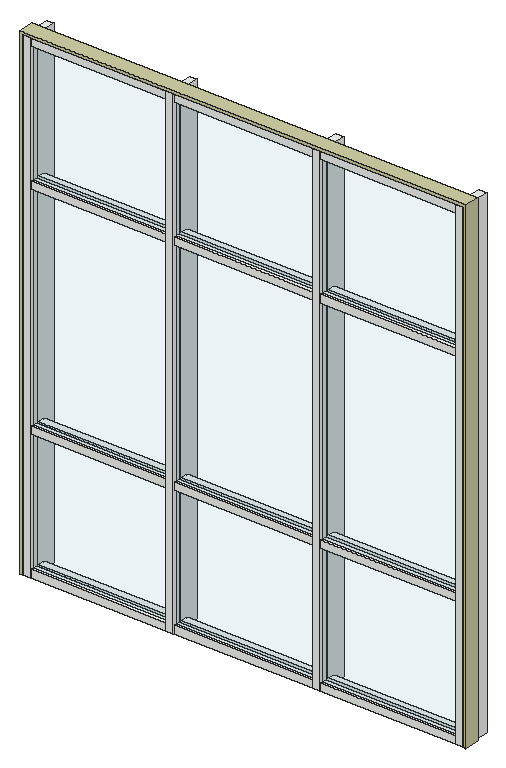
Revit family "Витражная система на базе серии RF 50", category Окна, Revit 2016
Family settings
  Основа = Стена
  Номер OmniClass = 23.30.20.00
  Заголовок OmniClass = Windows
  Всегда вертикально = Да
  При загрузке вырезать с полостями = Нет
  Общий = Нет
  Точка расчета площади = Нет
Parameters (values of type "Витражная система  RF 50")
  Толщина.Монтажный шов [instance] = 100 mm
  Витраж.Ширина цетр [instance] = 1000 mm
  Четверть.Ширина [instance] = 70 mm
  Четверть.Высота [instance] = 20 mm
  Четверть.Верх [instance] = if(Четверть, Четверть.Высота, 0 mm)  # 20 mm
  Четверть.Бок [instance] = if(Четверть, Четверть.Ширина, 0 mm)  # 70 mm
  Четверть [instance] = yes
  Толщина = 0 mm  # constant formula
  Огнестойкость = ""
  Материал-Монтажный зазор = REALIT_Монтажный шов
  Глубина вставки [instance] = 100 mm
  Витраж.Высота центр [instance] = 1500 mm
  Витраж.Ширина рамы [instance] = ADSK_Размер_Ширина  # 3000 mm
  Витраж.Высота профиля = 50 mm
  Ширина проема [instance] = ADSK_Размер_Ширина + Монтажный зазор.Боковой * 2  # 3040 mm
  Цвет профиля = "RAL 9016"
  Формула стеклопакета = ""
  Толщина стеклопакета = "48"
  Стеклопакет.Толщина = 48 mm
  Система фурнитуры [instance] = ""
  Расчетное значение ветровой нагрузки [instance] = 0
  Рама.Окно.Ширина [instance] = 2840 mm
  Рама.Окно.Высота [instance] = 2940 mm
  Витраж.Шаг [instance] = Витраж.Ширина цетр  # 1000 mm
  Витраж.Высота рамы [instance] = ADSK_Размер_Высота  # 3300 mm
  Витраж.Ширина профиля2 = 203 mm
  Разработано = "support@bimlib.ru"  # constant formula
  Профильная система рамы = ""
  Проем.Окно.Ширина [instance] = 3040 mm
  Проем.Окно.Высота [instance] = 3320 mm
  Watermarked By = ""
  Rough Width = 0 mm  # constant formula
  Rough Height = 0 mm  # constant formula
  Подоконник.Глубина [instance] = 0 mm
  Площаль элемента [instance] = ADSK_Размер_Ширина * ADSK_Размер_Высота / 1000000 mm  # 9.9 mm
  Откосы.Глубина [instance] = 331 mm
  Наименование = "Витражная система на базе серии RF 50"
  Монтажный зазор.Верх [instance] = 20 mm
  Монтажный зазор.Боковой [instance] = 20 mm
  Материал-Стеклопакет = REALIT_Стекло
  Материал-Рама = REALIT_Профиль_RAL 9016
  Материал-Подоконник = REALIT_ПВХ_Белый
  Изготовитель = "REALIT"  # constant formula
  ГОСТ = ""
  Витраж.Ширина профиля1 = 114 mm
  Высота проема [instance] = ADSK_Размер_Высота + Монтажный зазор.Верх  # 3320 mm
  Height = 0 mm  # constant formula
  Замыкание стены = По основе
  Width = 0 mm  # constant formula
  Артикул створки/армирование створки = ""
  Артикул рамы/армирование рамы = ""
  Артикул импоста/армирование импоста = ""
  Аналитическая конструкция = "<Нет>"
  λ краевой зоны стеклопакета = 0.0000 (m²·K)/W
  URL = "http://www.realit.ru/"
  Rстеклопакета = 1.0000 (m²·K)/W
  Rпрофиля = 1.0000 (m²·K)/W
  Rпривед [instance] = 1 / (((Витраж.Высота профиля / 1000 mm) * (5.4 - 4 * (Витраж.Высота профиля / 1000 mm)) / (1.8 * Rпрофиля / Rед)) + ((1.2 - 2 * (Витраж.Высота профиля / 1000 mm)) * (1.5 - 2 * (Витраж.Высота профиля / 1000 mm)) / (1.8 * Rстеклопакета / Rед)) + (5.4 - 8 * (Витраж.Высота профиля / 1000 mm)) * (λ краевой зоны стеклопакета / Rед))  # 1
  Rед = 1.0000 (m²·K)/W
  Iфактич [instance] = ""
  Iтреб [instance] = 0 mm
  ADSK_Этаж = ""
  ADSK_Размер_Ширина [instance] = 3000 mm
  ADSK_Размер_Высота [instance] = 3300 mm
  ADSK_Примечание [instance] = ""
  ADSK_Позиция [instance] = ""
  ADSK_Обозначение = ""
  ADSK_Наименование краткое = "Витраж RF 50"  # constant formula
  ADSK_Масса_Текст = ""
  ADSK_Марка = ""
  ADSK_Код изделия = ""
  ADSK_Зона = ""
  ADSK_Завод-изготовитель [instance] = Изготовитель  # "REALIT"
  ADSK_Единица измерения = "шт."  # constant formula
  ADSK_Версия Revit = "Revit 2016"  # constant formula
Reference planes
  plane 1 "По центру (Вперед/Назад)": y = 0
  plane 2 "По центру (Влево/Вправо)": x = 0
  plane 3 "Наружный": y = 140
  plane 4 "Внутренние": y = -360
  plane 5: y = 40
  plane 6: z = 0
  plane 7: x = -1500
  plane 8: x = 1500
  plane 9: z = 3300
  plane 10: x = -1450
  plane 11: x = -1520
  plane 12: x = 1450
  plane 13: x = 1520
  plane 14: z = 3300
  plane 15: z = 3320
  plane 16: y = -163
  plane 17: y = -63
Forms (mm)
  Extrusion 1, void
    sketch origin (0, -360, 0) x (1, 0, 0) y (0, 0, 1)
      loop
        line (-1520, 3320) -> (-1520, 0) -> (1520, 0) -> (1520, 3320) -> (-1520, 3320)
    from 0 to -400
  Extrusion 2, void
    sketch origin (-1826.325, -245, 0) x (-1, 0, 0) y (0, -1, 0)
      loop
        line (-376.325, -285) -> (-3276.325, -285) -> (-3276.325, -385) -> (-376.325, -385) -> (-376.325, -285)
    from 0 to 3300
  Extrusion 3, solid, material "REALIT_Монтажный шов" <- "Материал-Монтажный зазор"
    sketch origin (-1826.325, -245, 0) x (-1, 0, 0) y (0, -1, 0)
      loop
        line (-306.325, -182) -> (-306.325, -82) -> (-326.325, -82) -> (-326.325, -182) -> (-306.325, -182)
      loop
        line (-3326.325, -82) -> (-3346.325, -82) -> (-3346.325, -182) -> (-3326.325, -182) -> (-3326.325, -82)
    from 0 to 3320
  Extrusion 4, solid, material "REALIT_Монтажный шов" <- "Материал-Монтажный зазор"
    sketch origin (-250, -245, 3390.632) x (0, 0, 1) y (0, -1, 0)
      loop
        line (-70.632, -182) -> (-70.632, -82) -> (-90.632, -82) -> (-90.632, -182) -> (-70.632, -182)
    from -1270 to 1770
Cuts and joins
  joined: Extrusion 3, Extrusion 4
Text (mm)
  text "Наружный" at (0, 923.751, 2943.296), in view "Справа"
  text "Наружный" at (0, 1040.484, 2685.409), in view "Слева"
Dimensions and locks
  locked: plane 3 "Наружный" to host wall at 0
  locked: plane 4 "Внутренние" to host wall
  "Глубина вставки": plane 5 to plane 3 "Наружный"
  equal spacing: plane 8, plane 2 "По центру (Влево/Вправо)", plane 7
  "ADSK_Размер_Ширина": plane 8 to plane 7
  "ADSK_Размер_Высота": plane 9 to plane 6
  "Монтажный зазор.Боковой": plane 11 to plane 7
  "Монтажный зазор.Боковой": plane 8 to plane 13
  "Четверть.Бок": plane 12 to plane 13
  "Четверть.Бок": plane 11 to plane 10
  "Монтажный зазор.Верх": plane 9 to plane 15
  "Четверть.Верх": plane 14 to plane 15
  "Проем.Окно.Ширина": plane 13 to plane 11
  plane 6 to level = 0 mm
  "Витраж.Ширина профиля2": plane 5 to plane 16
  "Толщина.Монтажный шов": plane 17 to plane 16
  "Проем.Окно.Высота": plane 15 to plane 6
  aligned and locked: Extrusion 1 to level
  aligned and locked: plane 5 to Extrusion 1
  aligned and locked: Extrusion 1 to plane 11
  aligned and locked: plane 13 to Extrusion 1
  aligned and locked: Extrusion 2 sketch curve to plane 5
  aligned and locked: Extrusion 2 sketch curve to plane 10
  aligned and locked: host wall to Extrusion 2 sketch curve
  aligned and locked: plane 12 to Extrusion 2 sketch curve
  aligned and locked: plane 15 to Extrusion 1
  aligned and locked: plane 13 to Extrusion 3 sketch curve
  aligned and locked: plane 11 to Extrusion 3 sketch curve
  aligned and locked: plane 15 to Extrusion 4 sketch curve
  aligned and locked: Extrusion 3 sketch curve to plane 7
  aligned and locked: plane 15 to Extrusion 3
  aligned and locked: Extrusion 3 sketch curve to plane 17
  aligned and locked: plane 17 to Extrusion 3 sketch curve
  aligned and locked: Extrusion 4 sketch curve to Extrusion 3
  aligned and locked: Extrusion 3 to Extrusion 4 sketch curve
  aligned and locked: Extrusion 4 to plane 11
  aligned and locked: plane 13 to Extrusion 4
  aligned and locked: plane 14 to Extrusion 2
  aligned and locked: nested 1 to plane 7
  aligned and locked: plane 5 to nested 1
  aligned and locked: plane 14 to nested 1
Automatic sketch dimensions
  plane 9 to Extrusion 1 sketch curve = 20 mm
  Extrusion 1 sketch curve to plane 7 = 20 mm
  plane 8 to Extrusion 1 sketch curve = 20 mm
  Extrusion 1 sketch curve to level = 0 mm
  Extrusion 4 sketch curve to plane 9 = 0 mm
  Extrusion 3 sketch curve to plane 8 = 0 mm
  Extrusion 3 sketch curve to plane 16 = 0 mm  (x2)
Nested families
  nested 1: "Витраж RF 50" at (0, -160, 0) x (-1, 0, 0) z (0, 0, 1), Витраж.Высота <- "Витраж.Высота рамы", Витраж.Ширина <- "Витраж.Ширина рамы", Материал.Профиль <- "Материал-Рама", Материал.Стеклопакет <- "Материал-Стеклопакет", Витраж.Высота центр <- "Витраж.Высота центр", Витраж.Ширина центр <- "Витраж.Ширина цетр", type "Витраж RF 50"
    with Материал.Стеклопакет REALIT_Стекло, Материал.Профиль REALIT_Профиль_RAL 9016, Витраж.Ширина центр 1000 mm, Витраж.Ширина 3000 mm, Витраж.Высота центр 1500 mm, Витраж.Высота 3300 mm
Definition of nested family "Витраж RF 50"
  Parameters (values of type "Витраж RF 50")
    Width = 0 mm  # constant formula
    Толщина = 0 mm  # constant formula
    Профиль верт.Ширина = 203 mm
    Manufacturer = "REALIT"  # constant formula
    Витраж.Ширина центр [instance] = 1000 mm
    Витраж.Высота центр [instance] = 1500 mm
    Watermarked By = ""
    Type Comments = "﻿﻿             ﻿     ﻿                                                          ﻿   ​ ﻿               ﻿   ​                ​ ​       ​   ​ ​ ​​  ​ ​  ​     ​   ﻿﻿"
    Rough Width = 0 mm  # constant formula
    Rough Height = 0 mm  # constant formula
    Keynote = "﻿﻿             ﻿     ﻿                                                          ﻿   ​ ﻿               ﻿   ​                ​ ​       ​   ​ ​ ​​  ​ ​  ​     ​   ﻿﻿"
    Height = 0 mm  # constant formula
    Стеклопакет.Толщина = 48 mm
    Витраж.Ширина [instance] = 3000 mm
    Витраж.Высота [instance] = 3300 mm
    Профиль гор.Ширина = 114 mm
    Профиль.Высота = 50 mm
    Материал.Стеклопакет [instance] = none
    Материал.Профиль [instance] = none
    Description = "Витраж RI 44"  # constant formula
    Assembly Code = "﻿﻿             ﻿     ﻿                                                          ﻿   ​ ﻿               ﻿   ​                ​ ​       ​   ​ ​ ​​  ​ ​  ​     ​   ﻿﻿"
    Analytic Construction = "<Нет>"
    b2 = 16 mm
    b1 = 50 mm
    URL = "http://www.realit.ru/"
  Reference planes
    plane 1 "По центру (Вперед/Назад)": y = 0
    plane 2: z = 0
    plane 3 "По центру (Влево/Вправо)": x = 0
    plane 4: y = -114
    plane 5: z = 3300
    plane 6: y = -16
    plane 7: x = -1500
    plane 8: x = 1500
    plane 9 "Ось Ручки": z = 1650
    plane 10: z = 50
    plane 11: y = -64
    plane 12: y = -64
    plane 13: z = 3250
    plane 14: x = 1450
    plane 15: x = -1450
    plane 16: x = -500
    plane 17: x = 500
    plane 18: x = -1000
    plane 19: x = 1000
    plane 20: x = -525
    plane 21: x = -475
    plane 22: x = 475
    plane 23: x = 525
    plane 24: z = 2850
    plane 25: z = 450
    plane 26: z = 900
    plane 27: z = 2400
    plane 28: z = 925
    plane 29: z = 875
    plane 30: z = 2425
    plane 31: z = 2375
    plane 32: y = 3
    plane 33: y = -200
  Forms (mm)
    Sweep 1, solid, material <- "Материал.Профиль", detail levels fine
      path origin (0, 0, 0) x (1, 0, 0) y (0, 0, 1)
        loop
          line (-1500, 0) -> (1500, 0)
      profile "Профиль RE 6022 концевой : Профиль RE 6022 концевой" origin (0, 0, 0) x (0, 0, 1) y (0, -1, 0)
        loop
          line (0, 0) -> (50, 0) -> (50, 16) -> (37, 16) -> (37, 64) -> (50, 64) -> (50, 114) -> (0, 114) -> (0, 0)
    Sweep 2, solid, material <- "Материал.Профиль", detail levels fine
      path origin (0, 0, 0) x (1, 0, 0) y (0, 0, 1)
        loop
          line (-500, 3300) -> (-500, 0)
      profile "Профиль RE 6003 : Профиль RE 6003" origin (-500, 0, 1650) x (1, 0, 0) y (0, -1, 0)
        loop
          line (25, -3) -> (25, 16) -> (12, 16) -> (12, 64) -> (25, 64) -> (25, 200) -> (-25, 200) -> (-25, 64) -> (-12, 64) -> (-12, 16) -> (-25, 16) -> (-25, -3) -> (25, -3)
    Sweep 3, solid, material <- "Материал.Профиль", detail levels fine
      path origin (0, 0, 0) x (1, 0, 0) y (0, 0, 1)
        loop
          line (500, 3300) -> (500, 0)
      profile "Профиль RE 6003 : Профиль RE 6003" origin (500, 0, 1650) x (1, 0, 0) y (0, -1, 0)
        loop
          line (25, -3) -> (25, 16) -> (12, 16) -> (12, 64) -> (25, 64) -> (25, 200) -> (-25, 200) -> (-25, 64) -> (-12, 64) -> (-12, 16) -> (-25, 16) -> (-25, -3) -> (25, -3)
    Extrusion 4, solid, material <- "Материал.Профиль", detail levels coarse+medium
      sketch origin (0, 0, 0) x (1, 0, 0) y (0, 1, 0)
        loop
          line (-525, 3) -> (-525, -200) -> (-475, -200) -> (-475, 3) -> (-525, 3)
        loop
          line (475, 3) -> (475, -200) -> (525, -200) -> (525, 3) -> (475, 3)
        loop
          line (-1500, 3) -> (-1500, -200) -> (-1450, -200) -> (-1450, 3) -> (-1500, 3)
        loop
          line (1450, 3) -> (1450, -200) -> (1500, -200) -> (1500, 3) -> (1450, 3)
      from 0 to 3300
    Sweep 5, solid, material <- "Материал.Профиль", detail levels fine
      path origin (0, 0, 0) x (1, 0, 0) y (0, 0, 1)
        loop
          line (-1500, 3300) -> (1500, 3300)
      profile "Профиль RE 6022 концевой : Профиль RE 6022 концевой" origin (0, 0, 3300) x (0, 0, 1) y (0, -1, 0)
        loop
          line (0, 0) -> (0, 114) -> (-50, 114) -> (-50, 64) -> (-37, 64) -> (-37, 16) -> (-50, 16) -> (-50, 0) -> (0, 0)
    Sweep 6, solid, material <- "Материал.Профиль", detail levels fine
      path origin (0, 0, 0) x (1, 0, 0) y (0, 0, 1)
        loop
          line (-1500, 3300) -> (-1500, 0)
      profile "Профиль RE 6003 концевой : Профиль RE 6003 концевой" origin (-1500, 0, 1650) x (1, 0, 0) y (0, -1, 0)
        loop
          line (0, -3) -> (50, -3) -> (50, 16) -> (37, 16) -> (37, 64) -> (50, 64) -> (50, 200) -> (0, 200) -> (0, -3)
    Sweep 7, solid, material <- "Материал.Профиль", detail levels fine
      path origin (0, 0, 0) x (1, 0, 0) y (0, 0, 1)
        loop
          line (1500, 0) -> (1500, 3300)
      profile "Профиль RE 6003 концевой : Профиль RE 6003 концевой" origin (1500, 0, 1650) x (-1, 0, 0) y (0, -1, 0)
        loop
          line (0, -3) -> (50, -3) -> (50, 16) -> (37, 16) -> (37, 64) -> (50, 64) -> (50, 200) -> (0, 200) -> (0, -3)
    Extrusion 8, solid, material <- "Материал.Стеклопакет"
      sketch origin (-963, -16, 1200) x (1, 0, 0) y (0, 0, 1)
        loop
          line (-500, 2063) -> (-500, 1212) -> (451, 1212) -> (451, 2063) -> (-500, 2063)
      from 0 to 48
    Sweep 9, solid, material <- "Материал.Профиль", detail levels fine
      path origin (0, 0, 0) x (1, 0, 0) y (0, 0, 1)
        loop
          line (-1500, 2400) -> (1500, 2400)
      profile "Профиль RE 6022 : Профиль RE 6022" origin (0, 0, 2400) x (0, 0, 1) y (0, -1, 0)
        loop
          line (25, 0) -> (25, 16) -> (12, 16) -> (12, 64) -> (25, 64) -> (25, 114) -> (-25, 114) -> (-25, 64) -> (-12, 64) -> (-12, 16) -> (-25, 16) -> (-25, 0) -> (25, 0)
    Sweep 10, solid, material <- "Материал.Профиль", detail levels fine
      path origin (0, 0, 0) x (1, 0, 0) y (0, 0, 1)
        loop
          line (-1500, 900) -> (1500, 900)
      profile "Профиль RE 6022 : Профиль RE 6022" origin (0, 0, 900) x (0, 0, 1) y (0, -1, 0)
        loop
          line (25, 0) -> (25, 16) -> (12, 16) -> (12, 64) -> (25, 64) -> (25, 114) -> (-25, 114) -> (-25, 64) -> (-12, 64) -> (-12, 16) -> (-25, 16) -> (-25, 0) -> (25, 0)
    Extrusion 11, solid, material <- "Материал.Профиль", detail levels coarse+medium
      sketch origin (-1500, 682.027, 1200) x (0, 1, 0) y (0, 0, 1)
        loop
          line (-682.027, 1175) -> (-682.027, 1225) -> (-796.027, 1225) -> (-796.027, 1175) -> (-682.027, 1175)
        loop
          line (-682.027, -275) -> (-796.027, -275) -> (-796.027, -325) -> (-682.027, -325) -> (-682.027, -275)
        loop
          line (-682.027, 2100) -> (-796.027, 2100) -> (-796.027, 2050) -> (-682.027, 2050) -> (-682.027, 2100)
        loop
          line (-682.027, -1150) -> (-796.027, -1150) -> (-796.027, -1200) -> (-682.027, -1200) -> (-682.027, -1150)
      from 0 to 3000
    Extrusion 12, solid, material <- "Материал.Стеклопакет"
      sketch origin (12, -16, 1200) x (1, 0, 0) y (0, 0, 1)
        loop
          line (-500, 2063) -> (-500, 1212) -> (476, 1212) -> (476, 2063) -> (-500, 2063)
      from 0 to 48
    Extrusion 13, solid, material <- "Материал.Стеклопакет"
      sketch origin (1012, -16, 1200) x (1, 0, 0) y (0, 0, 1)
        loop
          line (-500, 2063) -> (-500, 1212) -> (451, 1212) -> (451, 2063) -> (-500, 2063)
      from 0 to 48
    Extrusion 14, solid, material <- "Материал.Стеклопакет"
      sketch origin (-963, -16, -1200) x (1, 0, 0) y (0, 0, 1)
        loop
          line (-500, 2088) -> (-500, 1237) -> (451, 1237) -> (451, 2088) -> (-500, 2088)
      from 0 to 48
    Extrusion 15, solid, material <- "Материал.Стеклопакет"
      sketch origin (12, -16, -1200) x (1, 0, 0) y (0, 0, 1)
        loop
          line (-500, 2088) -> (-500, 1237) -> (476, 1237) -> (476, 2088) -> (-500, 2088)
      from 0 to 48
    Extrusion 16, solid, material <- "Материал.Стеклопакет"
      sketch origin (1012, -16, -1200) x (1, 0, 0) y (0, 0, 1)
        loop
          line (-500, 2088) -> (-500, 1237) -> (451, 1237) -> (451, 2088) -> (-500, 2088)
      from 0 to 48
    Extrusion 17, solid, material <- "Материал.Стеклопакет"
      sketch origin (-963, -16, -300) x (1, 0, 0) y (0, 0, 1)
        loop
          line (-500, 2688) -> (-500, 1212) -> (451, 1212) -> (451, 2688) -> (-500, 2688)
      from 0 to 48
    Extrusion 18, solid, material <- "Материал.Стеклопакет"
      sketch origin (12, -16, -300) x (1, 0, 0) y (0, 0, 1)
        loop
          line (-500, 2688) -> (-500, 1212) -> (476, 1212) -> (476, 2688) -> (-500, 2688)
      from 0 to 48
    Extrusion 19, solid, material <- "Материал.Стеклопакет"
      sketch origin (1012, -16, -300) x (1, 0, 0) y (0, 0, 1)
        loop
          line (-500, 2688) -> (-500, 1212) -> (451, 1212) -> (451, 2688) -> (-500, 2688)
      from 0 to 48
  Cuts and joins
    joined: Sweep 1, Sweep 2, Sweep 3, Sweep 5, Sweep 6, Sweep 7, Sweep 9, Sweep 10
    joined: Extrusion 4, Extrusion 11
  Lines and regions (mm)
    model lines, detail levels coarse+medium
      curve 1: line (0, 0, 1600) -> (0, 0, 1700)
      curve 2: line (-50, 0, 1650) -> (50, 0, 1650)
      curve 3: line (1000, 0, 1600) -> (1000, 0, 1700)
      curve 4: line (1050, 0, 1650) -> (950, 0, 1650)
      curve 5: line (-1000, 0, 1600) -> (-1000, 0, 1700)
      curve 6: line (-1050, 0, 1650) -> (-950, 0, 1650)
      curve 7: line (0, 0, 2800) -> (0, 0, 2900)
      curve 8: line (-50, 0, 2850) -> (50, 0, 2850)
      curve 9: line (1000, 0, 2800) -> (1000, 0, 2900)
      curve 10: line (1050, 0, 2850) -> (950, 0, 2850)
      curve 11: line (-1000, 0, 2800) -> (-1000, 0, 2900)
      curve 12: line (-1050, 0, 2850) -> (-950, 0, 2850)
      curve 13: line (0, 0, 400) -> (0, 0, 500)
      curve 14: line (-50, 0, 450) -> (50, 0, 450)
      curve 15: line (1000, 0, 400) -> (1000, 0, 500)
      curve 16: line (1050, 0, 450) -> (950, 0, 450)
      curve 17: line (-1000, 0, 400) -> (-1000, 0, 500)
      curve 18: line (-1050, 0, 450) -> (-950, 0, 450)
  Dimensions and locks
    equal spacing: plane 8, plane 3 "По центру (Влево/Вправо)", plane 7
    "Витраж.Ширина": plane 8 to plane 7
    "b2": plane 1 "По центру (Вперед/Назад)" to plane 6
    "b1": plane 11 to plane 4
    "Профиль гор.Ширина": plane 1 "По центру (Вперед/Назад)" to plane 4
    "Стеклопакет.Толщина": plane 6 to plane 12
    "Профиль.Высота": plane 15 to plane 7
    "Профиль.Высота": plane 8 to plane 14
    "Профиль.Высота": plane 5 to plane 13
    "Профиль.Высота": plane 10 to plane 2
    equal spacing: plane 17, plane 3 "По центру (Влево/Вправо)", plane 16
    equal spacing: plane 21, plane 16, plane 20
    "Профиль.Высота": plane 21 to plane 20
    equal spacing: plane 23, plane 17, plane 22
    "Профиль.Высота": plane 23 to plane 22
    equal spacing: plane 5, plane 9 "Ось Ручки", plane 2
    equal spacing: plane 26, plane 25, plane 2
    equal spacing: plane 5, plane 24, plane 27
    "Витраж.Высота центр": plane 27 to plane 26
    equal spacing: plane 27, plane 9 "Ось Ручки", plane 26
    equal spacing: plane 7, plane 18, plane 16
    "Витраж.Ширина центр": plane 17 to plane 16
    "Витраж.Высота": plane 5 to plane 2
    equal spacing: plane 30, plane 27, plane 31
    equal spacing: plane 28, plane 26, plane 29
    "Профиль.Высота": plane 30 to plane 31
    "Профиль.Высота": plane 28 to plane 29
    "Профиль верт.Ширина": plane 32 to plane 33
    plane 32 to plane 1 "По центру (Вперед/Назад)" = 3 mm
    equal spacing: plane 8, plane 19, plane 17
    aligned and locked: level to plane 2
    aligned and locked: Sweep 1 sketch curve to level
    aligned and locked: Sweep 2 sketch curve to plane 16
    aligned and locked: Sweep 3 sketch curve to plane 17
    aligned and locked: Extrusion 4 sketch curve to cut or joined group of Sweep 1, Sweep 2, Sweep 3, Sweep 5, Sweep 6, Sweep 7, Sweep 9, Sweep 10  (x8)
    aligned and locked: Extrusion 4 to level
    aligned and locked: plane 5 to Extrusion 4
    aligned and locked: Sweep 5 sketch curve to plane 5
    aligned and locked: Sweep 6 sketch curve to cut or joined group of Sweep 1, Sweep 2, Sweep 3, Sweep 5, Sweep 6, Sweep 7, Sweep 9, Sweep 10
    aligned and locked: Sweep 7 sketch curve to cut or joined group of Sweep 1, Sweep 2, Sweep 3, Sweep 5, Sweep 6, Sweep 7, Sweep 9, Sweep 10
    aligned and locked: Sweep 9 sketch curve to plane 27
    aligned and locked: Sweep 10 sketch curve to plane 26
    aligned and locked: plane 31 to Extrusion 11 sketch curve
    aligned and locked: Extrusion 11 sketch curve to plane 1 "По центру (Вперед/Назад)"  (x2)
    aligned and locked: Extrusion 11 sketch curve to plane 30
    aligned and locked: plane 28 to Extrusion 11 sketch curve
    aligned and locked: Extrusion 11 sketch curve to plane 29
    aligned and locked: plane 8 to Extrusion 11
    aligned and locked: Extrusion 11 to plane 7
    aligned and locked: Extrusion 11 sketch curve to plane 4  (x2)
    aligned and locked: plane 11 to Extrusion 8
    aligned and locked: Extrusion 8 to cut or joined group of Sweep 1, Sweep 2, Sweep 3, Sweep 5, Sweep 6, Sweep 7, Sweep 9, Sweep 10  (x2)
    aligned and locked: Extrusion 11 to plane 13
    aligned and locked: Extrusion 11 to plane 4  (x2)
    aligned and locked: plane 5 to Extrusion 11
    aligned and locked: Extrusion 11 to cut or joined group of Sweep 1, Sweep 2, Sweep 3, Sweep 5, Sweep 6, Sweep 7, Sweep 9, Sweep 10  (x2)
    aligned and locked: plane 10 to Extrusion 11
    aligned and locked: Extrusion 11 to level
    aligned and locked: Extrusion 11 to plane 1 "По центру (Вперед/Назад)"
    aligned and locked: Extrusion 12 to cut or joined group of Sweep 1, Sweep 2, Sweep 3, Sweep 5, Sweep 6, Sweep 7, Sweep 9, Sweep 10  (x4)
    aligned and locked: Extrusion 14 to cut or joined group of Sweep 1, Sweep 2, Sweep 3, Sweep 5, Sweep 6, Sweep 7, Sweep 9, Sweep 10  (x2)
    aligned and locked: Extrusion 15 to cut or joined group of Sweep 1, Sweep 2, Sweep 3, Sweep 5, Sweep 6, Sweep 7, Sweep 9, Sweep 10
    aligned and locked: Extrusion 16 to cut or joined group of Sweep 1, Sweep 2, Sweep 3, Sweep 5, Sweep 6, Sweep 7, Sweep 9, Sweep 10
    aligned and locked: Extrusion 17 sketch curve to cut or joined group of Sweep 1, Sweep 2, Sweep 3, Sweep 5, Sweep 6, Sweep 7, Sweep 9, Sweep 10
    aligned and locked: cut or joined group of Sweep 1, Sweep 2, Sweep 3, Sweep 5, Sweep 6, Sweep 7, Sweep 9, Sweep 10 to Extrusion 18 sketch curve
    aligned and locked: cut or joined group of Sweep 1, Sweep 2, Sweep 3, Sweep 5, Sweep 6, Sweep 7, Sweep 9, Sweep 10 to Extrusion 19 sketch curve
  Automatic sketch dimensions
    Sweep 1 sketch curve to plane 7 = 0 mm
    Sweep 1 sketch curve to plane 8 = 0 mm
    Sweep 2 sketch curve to level = 0 mm
    Sweep 2 sketch curve to plane 5 = 0 mm
    Sweep 3 sketch curve to level = 0 mm
    Sweep 3 sketch curve to plane 5 = 0 mm
    Extrusion 4 sketch curve to plane 7 = 0 mm
    Extrusion 4 sketch curve to plane 15 = 0 mm
    Extrusion 4 sketch curve to plane 14 = 0 mm
    Extrusion 4 sketch curve to plane 8 = 0 mm
    plane 33 to Extrusion 4 sketch curve = 0 mm  (x2)
    Extrusion 4 sketch curve to plane 32 = 0 mm
    plane 32 to Extrusion 4 sketch curve = 0 mm
    curve 18 to plane 25 = 0 mm
    curve 12 to plane 24 = 0 mm
    curve 6 to plane 9 "Ось Ручки" = 0 mm
    plane 18 to curve 11 = 0 mm
    plane 18 to curve 17 = 0 mm
    plane 18 to curve 5 = 0 mm
    curve 14 to plane 25 = 0 mm
    curve 2 to plane 9 "Ось Ручки" = 0 mm
    curve 8 to plane 24 = 0 mm
    curve 7 to plane 3 "По центру (Влево/Вправо)" = 0 mm
    curve 13 to plane 3 "По центру (Влево/Вправо)" = 0 mm
    curve 1 to plane 3 "По центру (Влево/Вправо)" = 0 mm
    curve 10 to plane 24 = 0 mm
    curve 4 to plane 9 "Ось Ручки" = 0 mm
    curve 16 to plane 25 = 0 mm
    curve 15 to plane 19 = 0 mm
    curve 3 to plane 19 = 0 mm
    curve 9 to plane 19 = 0 mm
    plane 18 to curve 6 = 50 mm
    plane 18 to curve 12 = 50 mm
    plane 18 to curve 18 = 50 mm
    curve 12 to plane 18 = 50 mm
    curve 6 to plane 18 = 50 mm
    curve 18 to plane 18 = 50 mm
    curve 14 to plane 3 "По центру (Влево/Вправо)" = 50 mm
    curve 2 to plane 3 "По центру (Влево/Вправо)" = 50 mm
    curve 8 to plane 3 "По центру (Влево/Вправо)" = 50 mm
    plane 3 "По центру (Влево/Вправо)" to curve 14 = 50 mm
    plane 3 "По центру (Влево/Вправо)" to curve 8 = 50 mm
    plane 3 "По центру (Влево/Вправо)" to curve 2 = 50 mm
    curve 10 to plane 19 = 50 mm
    curve 4 to plane 19 = 50 mm
    curve 16 to plane 19 = 50 mm
    plane 19 to curve 4 = 50 mm
    plane 19 to curve 10 = 50 mm
    plane 19 to curve 16 = 50 mm
    curve 17 to plane 25 = 50 mm
    curve 15 to plane 25 = 50 mm
    curve 13 to plane 25 = 50 mm
    plane 25 to curve 13 = 50 mm
    plane 25 to curve 17 = 50 mm
    plane 25 to curve 15 = 50 mm
    curve 3 to plane 9 "Ось Ручки" = 50 mm
    curve 5 to plane 9 "Ось Ручки" = 50 mm
    curve 1 to plane 9 "Ось Ручки" = 50 mm
    plane 9 "Ось Ручки" to curve 5 = 50 mm
    plane 9 "Ось Ручки" to curve 1 = 50 mm
    plane 9 "Ось Ручки" to curve 3 = 50 mm
    curve 9 to plane 24 = 50 mm
    curve 7 to plane 24 = 50 mm
    curve 11 to plane 24 = 50 mm
    plane 24 to curve 9 = 50 mm
    plane 24 to curve 11 = 50 mm
    plane 24 to curve 7 = 50 mm
    Sweep 5 sketch curve to plane 7 = 0 mm
    Sweep 5 sketch curve to plane 8 = 0 mm
    Sweep 6 sketch curve to level = 0 mm
    Sweep 6 sketch curve to plane 5 = 0 mm
    Sweep 7 sketch curve to level = 0 mm
    Sweep 7 sketch curve to plane 5 = 0 mm
    plane 15 to Extrusion 8 sketch curve = 13 mm
    Extrusion 8 sketch curve to plane 16 = 12 mm
    plane 27 to Extrusion 8 sketch curve = 12 mm
    plane 13 to Extrusion 8 sketch curve = 13 mm
    Sweep 9 sketch curve to plane 7 = 0 mm
    Sweep 9 sketch curve to plane 8 = 0 mm
    Sweep 10 sketch curve to plane 7 = 0 mm
    Sweep 10 sketch curve to plane 8 = 0 mm
    Extrusion 11 sketch curve to level = 0 mm
    Extrusion 11 sketch curve to plane 4 = 0 mm  (x2)
    Extrusion 11 sketch curve to plane 1 "По центру (Вперед/Назад)" = 0 mm  (x2)
    Extrusion 11 sketch curve to plane 10 = 0 mm
    Extrusion 11 sketch curve to plane 13 = 0 mm
    Extrusion 11 sketch curve to plane 5 = 0 mm
    plane 16 to Extrusion 12 sketch curve = 12 mm
    Extrusion 12 sketch curve to plane 17 = 12 mm
    plane 27 to Extrusion 12 sketch curve = 12 mm
    plane 13 to Extrusion 12 sketch curve = 13 mm
    plane 17 to Extrusion 13 sketch curve = 12 mm
    plane 14 to Extrusion 13 sketch curve = 13 mm
    plane 27 to Extrusion 13 sketch curve = 12 mm
    plane 13 to Extrusion 13 sketch curve = 13 mm
    plane 15 to Extrusion 14 sketch curve = 13 mm
    Extrusion 14 sketch curve to plane 16 = 12 mm
    Extrusion 14 sketch curve to plane 10 = 13 mm
    Extrusion 14 sketch curve to plane 26 = 12 mm
    plane 16 to Extrusion 15 sketch curve = 12 mm
    Extrusion 15 sketch curve to plane 17 = 12 mm
    Extrusion 15 sketch curve to plane 10 = 13 mm
    Extrusion 15 sketch curve to plane 26 = 12 mm
    plane 17 to Extrusion 16 sketch curve = 12 mm
    plane 14 to Extrusion 16 sketch curve = 13 mm
    Extrusion 16 sketch curve to plane 10 = 13 mm
    Extrusion 16 sketch curve to plane 26 = 12 mm
    plane 15 to Extrusion 17 sketch curve = 13 mm
    Extrusion 17 sketch curve to plane 16 = 12 mm
    plane 26 to Extrusion 17 sketch curve = 12 mm
    plane 16 to Extrusion 18 sketch curve = 12 mm
    Extrusion 18 sketch curve to plane 17 = 12 mm
    plane 26 to Extrusion 18 sketch curve = 12 mm
    plane 17 to Extrusion 19 sketch curve = 12 mm
    plane 14 to Extrusion 19 sketch curve = 13 mm
    plane 26 to Extrusion 19 sketch curve = 12 mm
